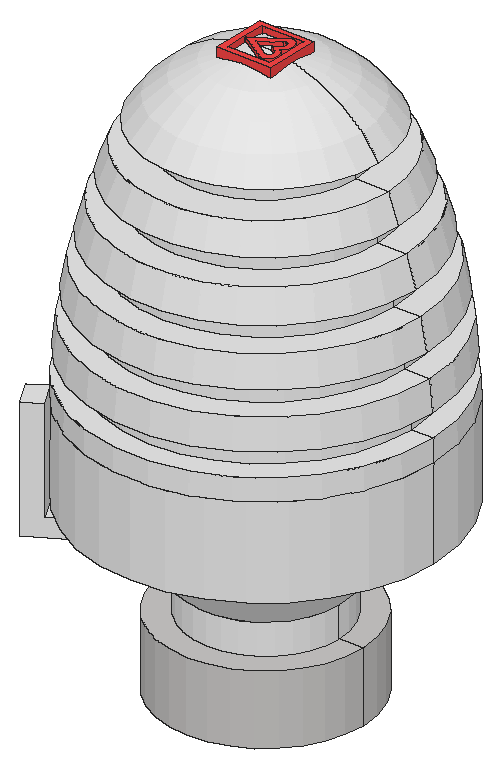
Revit family "Термостатическая головка HERZ-Design, с присоединительной резьбой М 28х1.5, 9230", category Rohrzubehör, Revit 2018
Family settings
  Bemaßung runder Anschluss = Durchmesser verwenden
  Teiletyp = Normal
  OmniClass-Nummer = 23.65.55.14
  OmniClass-Titel = Valves for Liquid Services
  Arbeitsebenenbasiert = Nein
  Immer vertikal = Nein
  Beim Laden mit Abzugskörper schneiden = Nein
  Gemeinsam genutzt = Nein
Parameters
  Принцип действия = "HERZ-термостатическая головка является датчиком прямого регулирования.\r\nИзменение объема жидкости в HERZ-гидросенсоре приводит в движение шток клапана."
  Область применения = "Для монтажа на всех HERZ-клапанах, предназначенных для термостатической работы."
  Номер заказа = 1923006  # constant formula
  Морозозащита = 6 °C  # constant formula
  Маховик = "Пластик, белый"  # constant formula
  Исполнение = "Термостатическая головка с жидкостным датчиком (гидросенсором) с позициями теплового запираниия \"0\" и морозозащиты, с ограничением и блокировкой диапазона регулирования. Цвет маховика - белый."
  Диапазон регулирования с морозозащитой = "6-30°C"  # constant formula
  Диапазон регулирования = "0-30°C"  # constant formula
  URL = "www.herz-armaturen.ru"
  S02 = 60.000 mm  # constant formula
  S01 = 90.000 mm  # constant formula
  Hersteller = "HERZ Armaturen Ges.m.b.H."  # constant formula
Reference planes
  plane 1 "Mitte (Vorne/hinten)": y = 0
  plane 2: z = 0
  plane 3 "Mitte (Links/rechts)": x = 0
Forms (mm)
  Revolve 1, solid, material "Kunststoff weiß", detail levels fine
    sketch origin (0, 0, 0) x (1, 0, 0) y (0, 0, 1)
      loop
        line (0, 0) -> (0, 90)
        arc (0, 90) -> (-10.767, 87.197) -> (-18.8, 79.5) r 22.08
        arc (-18.8, 79.5) -> (-25.672, 59.356) -> (-28, 38.2) r 97.301
        line (-28, 38.2) -> (-28, 23.2) -> (-23.25, 23.2) -> (-23.25, 20.5) -> (-20.4, 20.5) -> (-20.4, 19.7) -> (-12.2, 11.5) -> (-12.2, 4.8) -> (-13.2, 4.8) -> (-13.2, 0) -> (0, 0)
      axis (0, 90) -> (0, 0)
    angle from 0 to 360
  Extrusion 2, solid, material "Kunststoff weiß", detail levels fine
    sketch origin (0, 0, 0) x (0.866025, 0.5, 0) y (0, 0, 1)
      loop
        line (-28.5, 36.04) -> (-31.75, 36.04) -> (-31.75, 16.2) -> (-20.85, 16.2) -> (-20.85, 20.5) -> (-23.25, 20.5) -> (-23.25, 21.5) -> (-24.578, 19.2) -> (-28.5, 19.2) -> (-28.5, 36.04)
    from 2.5 to -2.5
  Extrusion 3, solid, material "Kunststoff weiß", detail levels fine
    sketch origin (0, 0, 0) x (0, 1, 0) y (0, 0, 1)
      loop
        arc (0.75, 19.2) -> (1.987, 19.713) -> (2.5, 20.95) r 1.75
        line (2.5, 20.95) -> (2.5, 32.2) -> (-2.5, 32.2) -> (-2.5, 20.95)
        arc (-2.5, 20.95) -> (-1.987, 19.713) -> (-0.75, 19.2) r 1.75
        line (-0.75, 19.2) -> (0.75, 19.2)
    from 0 to -31.5
  Revolve 4, solid, material "Messing verzinkt", detail levels fine
    sketch origin (0, 0, 0) x (1, 0, 0) y (0, 0, 1)
      loop
        line (0, 0) -> (0, 6.5) -> (-16.25, 6.5) -> (-16.25, -5) -> (-14, -5) -> (-14, 0) -> (0, 0)
      axis (0, 6.5) -> (0, -5)
    angle from 0 to 360
  Revolve 5, void
    sketch origin (0, 0, 0) x (1, 0, 0) y (0, 0, 1)
      loop
        arc (-18.8, 79.5) -> (-19.64, 77.659) -> (-20.442, 75.8) r 97.301
        line (-20.442, 75.8) -> (-14.951, 75.8) -> (-14.951, 79.5) -> (-18.8, 79.5)
      loop
        line (-27.933, 41.8) -> (-24.226, 41.8) -> (-24.226, 45.5) -> (-27.726, 45.5)
        arc (-27.726, 45.5) -> (-27.847, 43.651) -> (-27.933, 41.8) r 97.301
      loop
        arc (-22.197, 71.3) -> (-22.843, 69.456) -> (-23.452, 67.6) r 97.301
        line (-23.452, 67.6) -> (-18.697, 67.6) -> (-18.697, 71.3) -> (-22.197, 71.3)
      loop
        arc (-24.865, 62.7) -> (-25.326, 60.854) -> (-25.751, 59) r 97.301
        line (-25.751, 59) -> (-21.365, 59) -> (-21.365, 62.7) -> (-24.865, 62.7)
      loop
        arc (-26.692, 54.1) -> (-26.98, 52.253) -> (-27.232, 50.4) r 97.301
        line (-27.232, 50.4) -> (-23.192, 50.4) -> (-23.192, 54.1) -> (-26.692, 54.1)
      axis (0, 79.5) -> (0, 41.8)
    angle from 0 to 360
Cuts and joins
  Revolve 5 cuts Revolve 1
Lines and regions (mm)
  model lines, detail levels coarse+medium
    curve 1: line (0, 0, 0) -> (0, 0, 30)
    curve 2: line (0, 0, 0) -> (30, 0, 0)
    curve 3: circle (0, 0, 60) r 30 normal (0, -1, 0)
    curve 4: circle (0, 0, 60) r 30 normal (1, 0, 0)
    curve 5: line (0, 0, 40) -> (0, 0, 80)
    curve 6: line (0, 17.5, 80) -> (0, -17.5, 80)
    curve 7: line (0, 0, 40) -> (0, 0, 80)
    curve 8: line (-17.5, 0, 80) -> (17.5, 0, 80)
    curve 9: circle (60, 0, 0) r 30 normal (0, 0, 1)
    curve 10: line (40, 0, 0) -> (80, 0, 0)
    curve 11: line (80, 17.5, 0) -> (80, -17.5, 0)
Dimensions and locks
  nested 1 to plane 2 = 89.000 mm
  "S01": curve 4 to plane 2
  "S01": curve 3 to plane 2
  "S01": plane 3 "Mitte (Links/rechts)" to curve 9
  "S02": diameter of curve 3
  "S02": diameter of curve 4
  "S02": diameter of curve 9
  aligned and locked: level to plane 2
Automatic sketch dimensions
  Revolve 1 sketch curve to level = 0.000 mm
  Revolve 1 sketch curve to plane 3 "Mitte (Links/rechts)" = 0.000 mm  (x2)
  Revolve 1 sketch curve to plane 3 "Mitte (Links/rechts)" = 12.200 mm
  Revolve 1 sketch curve to Revolve 1 sketch curve = 1.000 mm
  Revolve 1 sketch curve to Revolve 1 sketch curve = 8.200 mm  (x2)
  Revolve 1 sketch curve to Revolve 1 sketch curve = 2.850 mm
  Revolve 1 sketch curve to Revolve 1 sketch curve = 4.750 mm
  plane 3 "Mitte (Links/rechts)" to Revolve 1 sketch curve = 69.301 mm
  level to Revolve 1 sketch curve = 4.800 mm
  Revolve 1 sketch curve to Revolve 1 sketch curve = 6.700 mm
  Revolve 1 sketch curve to Revolve 1 sketch curve = 0.800 mm
  Revolve 1 sketch curve to Revolve 1 sketch curve = 2.700 mm
  Revolve 1 sketch curve to Revolve 1 sketch curve = 15.000 mm
  Revolve 1 sketch curve to Revolve 1 sketch curve = 29.720 mm
  Revolve 1 sketch curve to Revolve 1 sketch curve = 22.080 mm
  Revolve 1 sketch curve to level = 366.045 mm
  Revolve 1 sketch curve to Revolve 1 sketch curve = 0.000 mm
  level to Extrusion 2 sketch curve = 36.040 mm
  Extrusion 2 sketch curve to Extrusion 2 sketch curve = 3.250 mm
  Extrusion 2 sketch curve to Extrusion 2 sketch curve = 3.922 mm
  level to Extrusion 2 sketch curve = 21.500 mm
  Extrusion 2 sketch curve to Extrusion 2 sketch curve = 1.328 mm
  Extrusion 2 sketch curve to Extrusion 2 sketch curve = 3.728 mm
  Extrusion 2 sketch curve to Extrusion 2 sketch curve = 1.000 mm
  Extrusion 2 sketch curve to Extrusion 2 sketch curve = 1.300 mm
  Extrusion 2 sketch curve to Extrusion 2 sketch curve = 3.000 mm
  plane 1 "Mitte (Vorne/hinten)" to Extrusion 3 sketch curve = 2.500 mm
  plane 1 "Mitte (Vorne/hinten)" to Extrusion 3 sketch curve = 0.750 mm
  Extrusion 3 sketch curve to plane 1 "Mitte (Vorne/hinten)" = 0.750 mm
  Extrusion 3 sketch curve to plane 1 "Mitte (Vorne/hinten)" = 2.500 mm
  level to Extrusion 3 sketch curve = 19.200 mm
  Extrusion 3 sketch curve to Extrusion 3 sketch curve = 11.250 mm
  Revolve 4 sketch curve to level = 0.000 mm
  Revolve 4 sketch curve to plane 3 "Mitte (Links/rechts)" = 0.000 mm  (x2)
  Revolve 4 sketch curve to level = 5.000 mm
  Revolve 4 sketch curve to plane 3 "Mitte (Links/rechts)" = 14.000 mm
  Revolve 4 sketch curve to Revolve 4 sketch curve = 2.250 mm
  level to Revolve 4 sketch curve = 6.500 mm
  Revolve 4 sketch curve to Revolve 4 sketch curve = 361.045 mm
  Revolve 4 sketch curve to Revolve 4 sketch curve = 2207.815 mm
  Revolve 5 sketch curve to Revolve 5 sketch curve = 0.000 mm  (x20)
  Revolve 5 sketch curve to plane 3 "Mitte (Links/rechts)" = 0.000 mm
  Revolve 5 sketch curve to plane 3 "Mitte (Links/rechts)" = 14.951 mm
  Revolve 5 sketch curve to Revolve 5 sketch curve = 3.746 mm
  Revolve 5 sketch curve to Revolve 5 sketch curve = 3.849 mm
  Revolve 5 sketch curve to Revolve 5 sketch curve = 1.642 mm
  Revolve 5 sketch curve to Revolve 5 sketch curve = 2.668 mm
  Revolve 5 sketch curve to Revolve 5 sketch curve = 3.500 mm  (x4)
  Revolve 5 sketch curve to Revolve 5 sketch curve = 1.827 mm
  Revolve 5 sketch curve to Revolve 5 sketch curve = 1.255 mm
  Revolve 5 sketch curve to Revolve 5 sketch curve = 1.034 mm
  Revolve 5 sketch curve to Revolve 5 sketch curve = 0.886 mm
  Revolve 5 sketch curve to Revolve 5 sketch curve = 0.540 mm
  Revolve 5 sketch curve to Revolve 5 sketch curve = 0.208 mm
  level to Revolve 5 sketch curve = 38.200 mm
  plane 3 "Mitte (Links/rechts)" to Revolve 5 sketch curve = 69.301 mm
  level to Revolve 5 sketch curve = 41.800 mm
  Revolve 5 sketch curve to Revolve 5 sketch curve = 4.900 mm  (x3)
  Revolve 5 sketch curve to Revolve 5 sketch curve = 4.500 mm
  Revolve 5 sketch curve to level = 366.045 mm
  Revolve 5 sketch curve to Revolve 5 sketch curve = 2134.815 mm
  curve 5 to plane 1 "Mitte (Vorne/hinten)" = 0.000 mm
  curve 4 to plane 1 "Mitte (Vorne/hinten)" = 0.000 mm
  plane 1 "Mitte (Vorne/hinten)" to curve 6 = 17.500 mm
  curve 5 to curve 6 = 17.500 mm
  curve 5 to curve 4 = 20.000 mm
  curve 4 to curve 6 = 20.000 mm
  curve 3 to plane 3 "Mitte (Links/rechts)" = 0.000 mm
  curve 7 to plane 3 "Mitte (Links/rechts)" = 0.000 mm
  curve 1 to plane 3 "Mitte (Links/rechts)" = 0.000 mm
  curve 1 to level = 0.000 mm
  curve 8 to curve 7 = 17.500 mm
  plane 3 "Mitte (Links/rechts)" to curve 8 = 17.500 mm
  curve 1 to curve 7 = 10.000 mm
  curve 3 to curve 8 = 20.000 mm
  plane 1 "Mitte (Vorne/hinten)" to curve 2 = 0.000 mm
  curve 2 to plane 3 "Mitte (Links/rechts)" = 0.000 mm
  plane 1 "Mitte (Vorne/hinten)" to curve 10 = 0.000 mm
  plane 1 "Mitte (Vorne/hinten)" to curve 9 = 0.000 mm
  curve 2 to curve 10 = 10.000 mm
  curve 9 to curve 11 = 20.000 mm
  curve 11 to curve 10 = 17.500 mm
  curve 11 to plane 1 "Mitte (Vorne/hinten)" = 17.500 mm
Nested families
  nested 1: "Herz-Logo" at (0, 0, 89) x (0, -1, 0) z (0, 0, 1), type "Herz-Logo", detail levels fine
Definition of nested family "Herz-Logo"
  Reference planes
    plane 1 "Mitte (Vorne/hinten)": y = 0
    plane 2: z = 0
    plane 3 "Mitte (Links/rechts)": x = 0
  Forms (mm)
    Extrusion 1, solid
      sketch origin (0, 0, 0) x (1, 0, 0) y (0, 1, 0)
        loop
          line (-0.018, -4.517) -> (4.482, -4.517) -> (4.482, 4.483) -> (-4.518, 4.483) -> (-4.518, -4.517) -> (-0.018, -4.517)
        loop
          line (-0.05, -3.48) -> (3.482, -3.48) -> (3.482, 3.483) -> (-3.518, 3.483) -> (-3.518, -3.48) -> (-0.05, -3.48)
        loop
          arc (-0.018, 2.383) -> (-1.543, 3.287) -> (-3.067, 2.383) r 1.738
          arc (-3.067, 2.383) -> (-3.191, 1.899) -> (-3.067, 1.415) r 1.009
          line (-3.067, 1.415) -> (-0.018, -3.281) -> (3.032, 1.415)
          arc (3.032, 1.415) -> (3.156, 1.899) -> (3.032, 2.383) r 1.009
          arc (3.032, 2.383) -> (1.507, 3.287) -> (-0.018, 2.383) r 1.738
        loop
          arc (1.885, 1.272) -> (2.005, 1.675) -> (1.885, 2.079) r 0.74
          arc (1.885, 2.079) -> (1.265, 2.416) -> (0.644, 2.079) r 0.74
          line (0.644, 2.079) -> (-0.018, 0.97) -> (-0.679, 2.079)
          arc (-0.679, 2.079) -> (-1.3, 2.416) -> (-1.921, 2.079) r 0.74
          arc (-1.921, 2.079) -> (-2.04, 1.675) -> (-1.921, 1.272) r 0.74
          line (-1.921, 1.272) -> (-0.018, -1.658) -> (1.885, 1.272)
      from 0 to 1.5
  Dimensions and locks
    aligned and locked: level to plane 2
